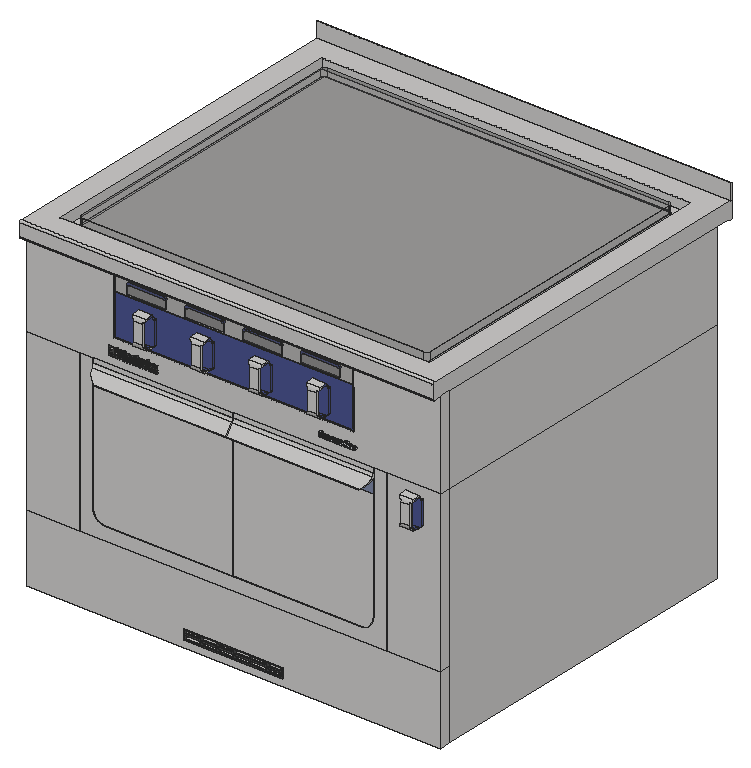
Revit family "QF_ELECTROLUXPROFESSIONAL_589675_MCIQFBJ4AO", category Attrezzature speciali, Revit 2020 (continued)
Definition of nested family "Front_Panel_W1000_4 Knobs"
  Definition of nested family "ELX_Professional_Logo_Small"
    Forms (mm)
      Extrusion 2, solid, material <- "Material_Logo"
        sketch origin (15.5, 0, 0) x (1, 0, 0) y (0, 1, 0)
          loop
            spline (-4.441, -1.243) -> (-4.659, -1.247) -> (-4.894, -1.23) -> (-5.137, -1.19) -> (-5.384, -1.121) -> (-5.628, -1.021) -> (-5.864, -0.884) -> (-6.084, -0.708) -> (-6.283, -0.488) -> (-6.454, -0.219) -> (-6.592, 0.101) -> (-6.69, 0.478) -> (-6.742, 0.914)
            line (-6.742, 0.914) -> (-6.742, 4.587) -> (-4.487, 4.587) -> (-4.487, 6.838) -> (-6.738, 6.838) -> (-6.738, 10.824) -> (-9.217, 10.824) -> (-9.217, 0.773)
            spline (-9.217, 0.773) -> (-9.164, 0.19) -> (-9.068, -0.358) -> (-8.928, -0.87) -> (-8.742, -1.343) -> (-8.511, -1.777) -> (-8.232, -2.168) -> (-7.904, -2.515) -> (-7.527, -2.816) -> (-7.098, -3.069) -> (-6.618, -3.273) -> (-6.084, -3.426) -> (-5.496, -3.525)
            line (-5.496, -3.525) -> (-4.45, -3.573) -> (-4.441, -1.243)
          loop
            spline (3.898, 6.983) -> (3.469, 7.009) -> (3.056, 7.001) -> (2.661, 6.961) -> (2.283, 6.888) -> (1.925, 6.785) -> (1.588, 6.652) -> (1.272, 6.49) -> (0.979, 6.301) -> (0.71, 6.085) -> (0.465, 5.844) -> (0.247, 5.578) -> (0.056, 5.289)
            line (0.056, 5.289) -> (0.056, 6.838) -> (-2.402, 6.838) -> (-2.402, -3.572) -> (0.056, -3.572) -> (0.056, 1.901)
            spline (0.056, 1.901) -> (0.079, 2.316) -> (0.145, 2.703) -> (0.254, 3.06) -> (0.404, 3.386) -> (0.592, 3.679) -> (0.818, 3.938) -> (1.08, 4.162) -> (1.375, 4.348) -> (1.703, 4.495) -> (2.062, 4.602) -> (2.45, 4.668) -> (2.865, 4.69)
            line (2.865, 4.69) -> (3.898, 4.586) -> (3.898, 6.983)
          loop
            spline (15.638, 1.633) -> (15.586, 2.396) -> (15.435, 3.124) -> (15.192, 3.81) -> (14.863, 4.449) -> (14.455, 5.034) -> (13.975, 5.56) -> (13.43, 6.021) -> (12.826, 6.411) -> (12.17, 6.724) -> (11.469, 6.955) -> (10.729, 7.098) -> (9.958, 7.147)
            spline (9.958, 7.147) -> (9.182, 7.098) -> (8.44, 6.955) -> (7.737, 6.724) -> (7.081, 6.411) -> (6.477, 6.021) -> (5.933, 5.56) -> (5.454, 5.034) -> (5.048, 4.449) -> (4.721, 3.81) -> (4.479, 3.124) -> (4.329, 2.396) -> (4.277, 1.633)
            spline (4.277, 1.633) -> (4.329, 0.869) -> (4.479, 0.141) -> (4.721, -0.544) -> (5.048, -1.183) -> (5.454, -1.768) -> (5.933, -2.294) -> (6.477, -2.755) -> (7.081, -3.145) -> (7.737, -3.459) -> (8.44, -3.69) -> (9.182, -3.833) -> (9.958, -3.882)
            spline (9.958, -3.882) -> (10.729, -3.833) -> (11.469, -3.69) -> (12.17, -3.459) -> (12.826, -3.145) -> (13.43, -2.755) -> (13.975, -2.294) -> (14.455, -1.768) -> (14.863, -1.183) -> (15.192, -0.544) -> (15.435, 0.141) -> (15.586, 0.869) -> (15.638, 1.633)
          loop
            spline (13.18, 1.633) -> (13.151, 2.083) -> (13.067, 2.513) -> (12.932, 2.918) -> (12.748, 3.296) -> (12.52, 3.642) -> (12.251, 3.954) -> (11.943, 4.227) -> (11.601, 4.459) -> (11.228, 4.645) -> (10.828, 4.782) -> (10.403, 4.867) -> (9.958, 4.896)
            spline (9.958, 4.896) -> (9.509, 4.867) -> (9.081, 4.782) -> (8.679, 4.645) -> (8.306, 4.459) -> (7.964, 4.227) -> (7.658, 3.954) -> (7.39, 3.642) -> (7.163, 3.296) -> (6.981, 2.918) -> (6.847, 2.513) -> (6.765, 2.083) -> (6.736, 1.633)
            spline (6.736, 1.633) -> (6.765, 1.182) -> (6.847, 0.753) -> (6.981, 0.347) -> (7.163, -0.031) -> (7.39, -0.377) -> (7.658, -0.689) -> (7.964, -0.962) -> (8.306, -1.193) -> (8.679, -1.38) -> (9.081, -1.517) -> (9.509, -1.602) -> (9.958, -1.631)
            spline (9.958, -1.631) -> (10.403, -1.602) -> (10.828, -1.517) -> (11.228, -1.38) -> (11.601, -1.193) -> (11.943, -0.962) -> (12.251, -0.689) -> (12.52, -0.377) -> (12.748, -0.031) -> (12.932, 0.347) -> (13.067, 0.753) -> (13.151, 1.182) -> (13.18, 1.633)
          loop
            line (17.162, 4.269) -> (17.162, -3.573) -> (19.642, -3.573) -> (19.642, 10.824) -> (17.162, 10.824) -> (17.162, 4.269)
          loop
            line (28.581, 6.838) -> (28.581, 0.786)
            spline (28.581, 0.786) -> (28.561, 0.393) -> (28.503, 0.038) -> (28.409, -0.279) -> (28.281, -0.559) -> (28.122, -0.802) -> (27.933, -1.011) -> (27.717, -1.185) -> (27.476, -1.325) -> (27.213, -1.433) -> (26.929, -1.509) -> (26.626, -1.554) -> (26.308, -1.569)
            spline (26.308, -1.569) -> (25.99, -1.554) -> (25.688, -1.509) -> (25.404, -1.434) -> (25.141, -1.326) -> (24.9, -1.187) -> (24.684, -1.014) -> (24.496, -0.807) -> (24.336, -0.565) -> (24.209, -0.288) -> (24.115, 0.026) -> (24.057, 0.376) -> (24.037, 0.765)
            line (24.037, 0.765) -> (24.037, 6.838) -> (21.537, 6.838) -> (21.537, 0.558)
            spline (21.537, 0.558) -> (21.581, -0.153) -> (21.71, -0.8) -> (21.916, -1.384) -> (22.195, -1.904) -> (22.54, -2.362) -> (22.944, -2.757) -> (23.403, -3.09) -> (23.909, -3.362) -> (24.456, -3.572) -> (25.04, -3.722) -> (25.652, -3.811) -> (26.288, -3.841)
            spline (26.288, -3.841) -> (26.929, -3.811) -> (27.547, -3.72) -> (28.135, -3.568) -> (28.687, -3.355) -> (29.197, -3.079) -> (29.66, -2.741) -> (30.068, -2.341) -> (30.415, -1.877) -> (30.696, -1.349) -> (30.905, -0.757) -> (31.034, -0.101) -> (31.079, 0.621)
            line (31.079, 0.621) -> (31.079, 6.838) -> (28.581, 6.838)
          loop
            line (40.457, -0.243) -> (38.894, 1.942) -> (40.83, 4.579) -> (42.488, 6.837) -> (39.782, 6.837) -> (37.53, 3.719) -> (35.258, 6.837) -> (32.573, 6.837) -> (34.113, 4.731) -> (36.167, 1.922) -> (34.014, -1.076) -> (32.222, -3.573) -> (34.887, -3.573) -> (37.53, 0.104) -> (40.174, -3.573) -> (42.839, -3.573) -> (40.457, -0.243)
          loop
            line (-46.121, -5.837) -> (-48.039, -5.837) -> (-48.039, -10.814) -> (-47.016, -10.814) -> (-47.016, -9.128) -> (-46.121, -9.128)
            arc (-46.121, -9.128) -> (-44.476, -7.482) -> (-46.121, -5.837) r 1.645
          loop
            line (-46.163, -6.778) -> (-47.016, -6.778) -> (-47.016, -8.187) -> (-46.163, -8.187)
            arc (-46.163, -8.187) -> (-45.458, -7.482) -> (-46.163, -6.778) r 0.704
          loop
            line (-38.313, -5.837) -> (-40.265, -5.837) -> (-40.265, -10.814) -> (-39.241, -10.814) -> (-39.241, -9.1) -> (-38.46, -9.182) -> (-37.48, -10.814) -> (-36.318, -10.814) -> (-37.513, -8.848)
            arc (-37.513, -8.848) -> (-36.888, -8.266) -> (-36.671, -7.441) r 1.536
            arc (-36.671, -7.441) -> (-37.165, -6.305) -> (-38.313, -5.837) r 1.643
          loop
            arc (-38.402, -8.166) -> (-37.707, -7.505) -> (-38.334, -6.778) r 0.696
            line (-38.334, -6.778) -> (-39.241, -6.778) -> (-39.241, -8.166) -> (-38.402, -8.166)
          loop
            circle (-29.965, -8.325) r 2.585
          loop
            circle (-29.965, -8.325) r 1.64
          loop
            line (-23.1, -5.837) -> (-23.1, -10.814) -> (-22.076, -10.814) -> (-22.076, -8.768) -> (-20.204, -8.768) -> (-20.204, -7.828) -> (-22.076, -7.828) -> (-22.076, -6.778) -> (-20.024, -6.778) -> (-20.024, -5.837) -> (-23.1, -5.837)
          loop
            line (-15.802, -5.837) -> (-15.802, -9.2)
            arc (-15.802, -9.2) -> (-15.343, -10.34) -> (-14.209, -10.814) r 1.593
            line (-14.209, -10.814) -> (-12.602, -10.814) -> (-12.602, -10.027) -> (-14.004, -10.027)
            arc (-14.004, -10.027) -> (-14.552, -9.8) -> (-14.779, -9.252) r 0.775
            line (-14.779, -9.252) -> (-14.779, -8.424) -> (-12.789, -8.424) -> (-12.789, -7.642) -> (-14.779, -7.642) -> (-14.779, -6.778) -> (-12.651, -6.778) -> (-12.651, -5.837) -> (-15.802, -5.837)
          loop
            line (-5.909, -7.143) -> (-5.173, -6.638)
            arc (-5.173, -6.638) -> (-5.855, -5.974) -> (-6.781, -5.755) r 1.782
            arc (-6.781, -5.755) -> (-7.397, -5.878) -> (-7.944, -6.189) r 1.974
            arc (-7.944, -6.189) -> (-8.202, -6.5) -> (-8.317, -6.888) r 1.013
            arc (-8.317, -6.888) -> (-8.306, -7.341) -> (-8.192, -7.78) r 1.985
            arc (-8.192, -7.78) -> (-7.749, -8.259) -> (-7.171, -8.563) r 1.928
            arc (-7.171, -8.563) -> (-6.637, -8.779) -> (-6.131, -9.056) r 5.041
            arc (-6.131, -9.056) -> (-5.934, -9.387) -> (-6.09, -9.74) r 0.42
            arc (-6.09, -9.74) -> (-6.631, -9.96) -> (-7.204, -9.845) r 1.016
            arc (-7.204, -9.845) -> (-7.625, -9.603) -> (-7.889, -9.196) r 1.033
            line (-7.889, -9.196) -> (-8.67, -9.686)
            arc (-8.67, -9.686) -> (-8.361, -10.198) -> (-7.908, -10.589) r 1.914
            arc (-7.908, -10.589) -> (-7.334, -10.834) -> (-6.714, -10.896) r 2.063
            arc (-6.714, -10.896) -> (-5.947, -10.743) -> (-5.256, -10.376) r 2.696
            arc (-5.256, -10.376) -> (-4.95, -9.565) -> (-5.108, -8.712) r 1.618
            arc (-5.108, -8.712) -> (-5.448, -8.319) -> (-5.884, -8.035) r 1.876
            arc (-5.884, -8.035) -> (-6.434, -7.789) -> (-6.999, -7.577) r 9.883
            arc (-6.999, -7.577) -> (-7.325, -7.07) -> (-6.854, -6.694) r 0.45
            arc (-6.854, -6.694) -> (-6.329, -6.809) -> (-5.909, -7.143) r 1.197
          loop
            line (1.61, -7.143) -> (2.345, -6.638)
            arc (2.345, -6.638) -> (1.663, -5.974) -> (0.737, -5.755) r 1.782
            arc (0.737, -5.755) -> (0.121, -5.878) -> (-0.425, -6.189) r 1.974
            arc (-0.425, -6.189) -> (-0.683, -6.5) -> (-0.799, -6.888) r 1.013
            arc (-0.799, -6.888) -> (-0.788, -7.341) -> (-0.674, -7.78) r 1.985
            arc (-0.674, -7.78) -> (-0.231, -8.259) -> (0.347, -8.563) r 1.928
            arc (0.347, -8.563) -> (0.881, -8.779) -> (1.387, -9.056) r 5.041
            arc (1.387, -9.056) -> (1.584, -9.387) -> (1.428, -9.74) r 0.42
            arc (1.428, -9.74) -> (0.887, -9.96) -> (0.314, -9.845) r 1.016
            arc (0.314, -9.845) -> (-0.107, -9.603) -> (-0.371, -9.196) r 1.033
            line (-0.371, -9.196) -> (-1.152, -9.686)
            arc (-1.152, -9.686) -> (-0.842, -10.198) -> (-0.39, -10.589) r 1.914
            arc (-0.39, -10.589) -> (0.184, -10.834) -> (0.804, -10.896) r 2.063
            arc (0.804, -10.896) -> (1.572, -10.743) -> (2.263, -10.376) r 2.696
            arc (2.263, -10.376) -> (2.568, -9.565) -> (2.411, -8.712) r 1.618
            arc (2.411, -8.712) -> (2.07, -8.319) -> (1.635, -8.035) r 1.876
            arc (1.635, -8.035) -> (1.084, -7.789) -> (0.519, -7.577) r 9.883
            arc (0.519, -7.577) -> (0.193, -7.07) -> (0.665, -6.694) r 0.45
            arc (0.665, -6.694) -> (1.189, -6.809) -> (1.61, -7.143) r 1.197
          loop
            line (6.801, -5.837) -> (6.801, -10.814) -> (7.825, -10.814) -> (7.825, -5.837) -> (6.801, -5.837)
          loop
            circle (14.724, -8.325) r 1.548
          loop
            circle (14.724, -8.325) r 2.585
          loop
            line (21.59, -10.814) -> (22.623, -10.814) -> (22.623, -7.685) -> (24.9, -10.814) -> (25.895, -10.814) -> (25.895, -5.837) -> (24.861, -5.837) -> (24.861, -9.061) -> (22.585, -5.837) -> (21.59, -5.837) -> (21.59, -10.814)
          loop
            line (31.054, -10.814) -> (31.539, -9.74) -> (33.38, -9.74) -> (33.865, -10.814) -> (34.965, -10.814) -> (32.46, -5.837) -> (29.956, -10.814) -> (31.054, -10.814)
          loop
            line (32.46, -7.698) -> (31.999, -8.719) -> (32.921, -8.719) -> (32.46, -7.698)
          loop
            line (40.047, -9.873) -> (40.047, -5.837) -> (39.024, -5.837) -> (39.024, -10.814) -> (41.961, -10.814) -> (41.961, -9.873) -> (40.047, -9.873)
          loop
            line (-74.986, -10.814) -> (-53.322, -10.814) -> (-53.322, 10.82) -> (-74.986, 10.82) -> (-74.986, -10.814)
          loop
            line (-61.261, 9.758) -> (-61.261, -9.707)
            arc (-61.261, -9.707) -> (-54.066, 0.025) -> (-61.261, 9.758) r 10.18
          loop
            line (-62.251, 8.349) -> (-62.251, 9.758)
            arc (-62.251, 9.758) -> (-70.347, 7.918) -> (-74.247, 0.59) r 9.976
            line (-74.247, 0.59) -> (-71.026, 0.59)
            arc (-71.026, 0.59) -> (-65.274, 2.925) -> (-62.251, 8.349) r 9.351
          loop
            arc (-74.247, -0.539) -> (-70.353, -7.928) -> (-62.251, -9.957) r 10.237
            line (-62.251, -9.957) -> (-62.251, -8.298)
            arc (-62.251, -8.298) -> (-65.274, -2.874) -> (-71.026, -0.539) r 9.351
            line (-71.026, -0.539) -> (-74.247, -0.539)
        from 0 to 1.644
    Dimensions and locks
      aligned and locked: plane 2 to Extrusion 1
      aligned and locked: level to Extrusion 1
Definition of nested family "H450H2W1000_2DOOR"
  Parameters
    Width [instance] = 680 mm
    Wdoor [instance] = Width / 2  # 340 mm
    Show Clearance [instance] = yes
    Model = "727995"
    Height = 450 mm
    Default Elevation = 0 mm
  Reference planes
    plane 1 "Center (Front/Back)": y = 0
    plane 2: z = 0
    plane 3 "Center (Left/Right)": x = 36.042
    plane 4 "panel": z = 25
    plane 5: x = -303.958
    plane 6: x = 376.042
    plane 7: y = 450
    plane 8: z = 340
    plane 9: z = 45
  Forms (mm)
    Extrusion 1, solid
      sketch origin (0, -919.2, 0) x (1, 0, 0) y (0, 1, 0)
        loop
          line (-980.5, 2119.2) -> (-980.5, -162.846) -> (881.94, -162.846) -> (881.94, 2119.2) -> (-980.5, 2119.2)
      from 0 to -59.546
    Extrusion 2, solid
      sketch origin (0, 0, 0) x (1, 0, 0) y (0, 1, 0)
        loop
          line (374.042, 393) -> (37.042, 393) -> (37.042, 97) -> (344.042, 97)
          arc (344.042, 97) -> (365.255, 105.787) -> (374.042, 127) r 30
          line (374.042, 127) -> (374.042, 393)
        loop
          arc (-301.958, 127) -> (-293.171, 105.787) -> (-271.958, 97) r 30
          line (-271.958, 97) -> (35.042, 97) -> (35.042, 393) -> (-301.958, 393) -> (-301.958, 127)
      from 0 to 25
    Extrusion 3, solid
      sketch origin (0, 0, 0) x (1, 0, 0) y (0, 1, 0)
        loop
          line (-301.958, 393) -> (35.042, 393) -> (35.042, 440) -> (-301.958, 440) -> (-301.958, 393)
        loop
          line (37.042, 440) -> (37.042, 393) -> (374.042, 393) -> (374.042, 440) -> (37.042, 440)
      from 0 to 25
    Extrusion 4, solid
      sketch origin (5.581, 79.805, 0) x (1, 0, 0) y (0, 1, 0)
        loop
          line (-307.539, 360.195) -> (29.461, 360.195) -> (29.461, 370.195) -> (-307.539, 370.195) -> (-307.539, 360.195)
        loop
          line (31.461, 370.195) -> (31.461, 360.195) -> (368.461, 360.195) -> (368.461, 370.195) -> (31.461, 370.195)
      from 0 to 25
    Extrusion 5, solid
      sketch origin (36.042, 0, 0) x (0, 1, 0) y (0, 0, 1)
        loop
          line (426.693, 25) -> (440.02, 25)
          arc (440.02, 25) -> (435.261, 25.775) -> (430.993, 28.02) r 15
          line (430.993, 28.02) -> (406.653, 46.362) -> (403.644, 42.369) -> (426.693, 25)
      from 1 to 338
    Extrusion 6, solid
      sketch origin (36.042, 0, 0) x (0, 1, 0) y (0, 0, 1)
        loop
          line (426.693, 25) -> (440.02, 25)
          arc (440.02, 25) -> (435.261, 25.775) -> (430.993, 28.02) r 15
          line (430.993, 28.02) -> (406.653, 46.362) -> (403.644, 42.369) -> (426.693, 25)
      from -338 to -1
    Extrusion 7, void
      sketch origin (0, 0, 0) x (1, 0, 0) y (0, 1, 0)
        loop
          arc (374.042, 426.693) -> (364.508, 412.772) -> (350.317, 403.644) r 42.603
          line (350.317, 403.644) -> (374.042, 403.644) -> (374.042, 426.693)
      from 0 to 47.9
    Extrusion 8, void
      sketch origin (72.084, 0, 0) x (-1, 0, 0) y (0, -1, 0)
        loop
          line (374.042, -426.693) -> (374.042, -403.644) -> (350.317, -403.644)
          arc (350.317, -403.644) -> (364.508, -412.772) -> (374.042, -426.693) r 42.603
      from 0 to 47.9
    Extrusion 9, solid, detail levels coarse
      sketch origin (0, 0, 0) x (1, 0, 0) y (0, 0, 1)
        loop
          arc (36.231, 25) -> (-56.085, 247.873) -> (-278.958, 340.189) r 315.189
          line (-278.958, 340.189) -> (-278.958, 25) -> (36.231, 25)
      from -450 to -97
    Extrusion 10, solid, detail levels coarse
      sketch origin (0, 0, 0) x (1, 0, 0) y (0, 0, 1)
        loop
          arc (351.042, 340) -> (128.303, 247.739) -> (36.042, 25) r 315
          line (36.042, 25) -> (351.042, 25) -> (351.042, 340)
      from -450 to -97
  Cuts and joins
    Extrusion 8 cuts Extrusion 6
    Extrusion 7 cuts Extrusion 5
  Lines and regions (mm)
    symbolic lines
      curve 1: line (376.042, 0, 45) -> (376.042, 0, 340)
      curve 2: line (351.042, 0, 45) -> (351.042, 0, 340)
      curve 3: line (376.042, 0, 340) -> (351.042, 0, 340)
      curve 4: line (-303.958, 0, 45) -> (-303.958, 0, 340)
      curve 5: line (-278.958, 0, 45) -> (-278.958, 0, 340)
      curve 6: line (-303.958, 0, 340) -> (-278.958, 0, 340)
      curve 7: arc (351.042, 0, 340) -> (135.522, 0, 254.731) -> (36.683, 0, 45.088) r 315
      curve 8: arc (35.407, 0, 44.997) -> (-63.405, 0, 254.7) -> (-278.958, 0, 340) r 315
  Dimensions and locks
    plane 4 "panel" to level = 25 mm
    "Width": plane 5 to plane 6
    equal spacing: plane 5, plane 3 "Center (Left/Right)", plane 6
    "Height": plane 1 "Center (Front/Back)" to plane 7
    locked: plane 5 to Extrusion 2 sketch curve at 2
    locked: Extrusion 2 sketch curve to plane 6 at 2
    locked: plane 1 "Center (Front/Back)" to Extrusion 2 sketch curve at 97
    locked: plane 7 to Extrusion 2 sketch curve at 57
    locked: Extrusion 2 sketch curve to plane 3 "Center (Left/Right)" at 1
    locked: plane 3 "Center (Left/Right)" to Extrusion 2 sketch curve at 1
    Extrusion 3 sketch curve to Extrusion 2 = 47 mm
    "Wdoor": plane 8 to level
    locked: curve 2 to curve 1 at 25
    locked: curve 5 to curve 4 at 25
    plane 4 "panel" to plane 9 = 20 mm
    aligned and locked: plane 2 to Extrusion 1
    aligned and locked: level to Extrusion 1
    aligned and locked: plane 4 "panel" to Extrusion 2
    aligned and locked: Extrusion 2 to Extrusion 3 sketch curve
    aligned and locked: Extrusion 3 sketch curve to Extrusion 2  (x2)
    aligned and locked: Extrusion 3 sketch curve to Extrusion 3 sketch curve
    aligned and locked: plane 4 "panel" to Extrusion 3
    aligned and locked: Extrusion 4 sketch curve to Extrusion 4 sketch curve
    aligned and locked: Extrusion 4 sketch curve to Extrusion 3  (x3)
    aligned and locked: Extrusion 3 to Extrusion 4 sketch curve
    aligned and locked: Extrusion 4 sketch curve to plane 7
    aligned and locked: Extrusion 3 to Extrusion 5
    aligned and locked: Extrusion 5 to Extrusion 3
    aligned and locked: Extrusion 6 to Extrusion 3
    aligned and locked: Extrusion 3 to Extrusion 6
    aligned and locked: Extrusion 7 sketch curve to Extrusion 5
    aligned and locked: Extrusion 8 to Extrusion 6
    aligned and locked: Extrusion 4 to Extrusion 8
    aligned and locked: Extrusion 2 to Extrusion 7
    aligned and locked: Extrusion 7 to Extrusion 5
    aligned and locked: Extrusion 4 to Extrusion 3  (x2)
    aligned and locked: Extrusion 3 to Extrusion 2
    aligned and locked: Extrusion 4 to Extrusion 2
    aligned and locked: curve 3 to plane 8
    aligned and locked: curve 1 to plane 6
    aligned and locked: curve 4 to plane 5
    aligned and locked: Extrusion 9 sketch curve to plane 4 "panel"
    aligned and locked: Extrusion 10 sketch curve to curve 7
    aligned and locked: Extrusion 10 sketch curve to curve 2
    aligned and locked: Extrusion 2 to Extrusion 9
    aligned and locked: Extrusion 2 to Extrusion 10
    aligned and locked: plane 7 to Extrusion 9
    aligned and locked: Extrusion 3 to Extrusion 4
  Automatic sketch dimensions
    Extrusion 1 sketch curve to Extrusion 1 sketch curve = 1862.44 mm
    Extrusion 1 sketch curve to Extrusion 1 sketch curve = 2282.046 mm
    Extrusion 2 sketch curve to Extrusion 2 sketch curve = 30 mm  (x2)
    Extrusion 2 sketch curve to plane 1 "Center (Front/Back)" = 97 mm
    Extrusion 2 sketch curve to Extrusion 2 sketch curve = 0 mm
    Extrusion 3 sketch curve to plane 3 "Center (Left/Right)" = 1 mm
    plane 5 to Extrusion 3 sketch curve = 2 mm
    Extrusion 3 sketch curve to Extrusion 3 sketch curve = 0 mm
    Extrusion 5 sketch curve to plane 4 "panel" = 0 mm
    plane 4 "panel" to Extrusion 5 sketch curve = 17.369 mm
    Extrusion 5 sketch curve to plane 7 = 46.356 mm
    plane 4 "panel" to Extrusion 5 sketch curve = 21.362 mm
    Extrusion 5 sketch curve to Extrusion 5 sketch curve = 3.009 mm
    plane 4 "panel" to Extrusion 5 sketch curve = 3.02 mm
    Extrusion 5 sketch curve to Extrusion 5 sketch curve = 9.027 mm
    Extrusion 6 sketch curve to plane 4 "panel" = 0 mm
    plane 4 "panel" to Extrusion 6 sketch curve = 17.369 mm
    Extrusion 6 sketch curve to plane 7 = 46.356 mm
    plane 4 "panel" to Extrusion 6 sketch curve = 21.362 mm
    Extrusion 6 sketch curve to Extrusion 6 sketch curve = 3.009 mm
    plane 4 "panel" to Extrusion 6 sketch curve = 3.02 mm
    Extrusion 6 sketch curve to Extrusion 6 sketch curve = 9.027 mm
    Extrusion 7 sketch curve to Extrusion 7 sketch curve = 23.725 mm
    Extrusion 7 sketch curve to plane 7 = 6.671 mm
    Extrusion 7 sketch curve to plane 6 = 41.221 mm
    Extrusion 7 sketch curve to plane 7 = 23.307 mm
    plane 7 to Extrusion 8 sketch curve = 6.671 mm
    Extrusion 8 sketch curve to plane 5 = 41.221 mm
    Extrusion 8 sketch curve to plane 5 = 25.725 mm
    Extrusion 8 sketch curve to plane 5 = 2 mm
    plane 7 to Extrusion 8 sketch curve = 23.307 mm
    Extrusion 4 sketch curve to Extrusion 4 sketch curve = 10 mm
    Extrusion 4 sketch curve to plane 7 = 10 mm
    curve 2 to plane 9 = 0 mm
    curve 5 to plane 9 = 0 mm
    curve 4 to plane 9 = 0 mm
    curve 1 to plane 9 = 0 mm
    curve 8 to plane 4 "panel" = 0 mm
    curve 5 to plane 8 = 0 mm
    curve 8 to plane 9 = 0.003 mm
    curve 7 to plane 4 "panel" = 0 mm
    plane 9 to curve 7 = 0.088 mm
    plane 5 to Extrusion 9 sketch curve = 25 mm
    plane 3 "Center (Left/Right)" to Extrusion 9 sketch curve = 0.189 mm
